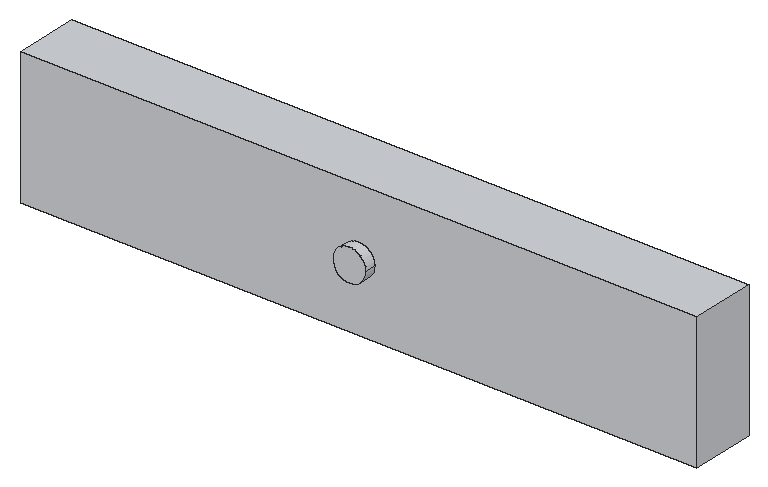
Revit family "LE_W_RE_Anbauleuchte_V1700", category Leuchten, Revit 2017
Family settings
  Bemaßung runder Anschluss = Durchmesser verwenden
  Teiletyp = Normal
  OmniClass-Nummer = 23.80.70.00
  OmniClass-Titel = Lighting
  Arbeitsebenenbasiert = Ja
  Immer vertikal = Ja
  Beim Laden mit Abzugskörper schneiden = Nein
  Lichtquelle = Ja
  Gemeinsam genutzt = Nein
  Raumberechnungspunkt = Nein
Parameters (values of type "Wandlampe_rechteckig")
  pbr_Material_KZ = ""
  pbr_Material = none
  pbr_E_Typ = ""
  pbr_E_KZ = ""
  pbr_DINBild = 0
  pbr_Bild = 0
  cpiFitMatchKey [instance] = "E-WLR-18-15"
  Zentrale [instance] = ""
  built-in parameter 1150104 = 13.8 (stored number, unit not read)
  Wirkleistung [instance] = 0 W
  Wattage = 9.2903 W
  Default Elevation = 1219.2 mm
  Emit from Rectangle Length = 1219.2 mm
  Emit from Rectangle Width = 609.6 mm
  built-in parameter 1150113 = 1 (stored number, unit not read)
  built-in parameter 1114218 = 1 (stored number, unit not read)
  Typ = ""
  Tiefe = 120 mm
  Text3 = ""
  Text2 = ""
  Text1 = ""
  built-in parameter 1150134 = 3
  built-in parameter 1150109 = 1 (stored number, unit not read)
  Symboltiefe = 200 mm
  Symbolbreite = 300 mm
  built-in parameter 1150110 = 1 (stored number, unit not read)
  Spannung = 230 V  # constant formula
  Scheinleistung [instance] = 0 VA
  Scheinlast = 0 VA
  Schaltgruppe2 [instance] = 0
  Schaltgruppe1 [instance] = 0
  Radius_Leerrohr = 50 mm
  Poligkeit = 1
  Planungsbüro Rohling = "www.pbr.de"
  Menge(Dosenzahl) = 1
  Linie/Anschluss [instance] = ""
  built-in parameter 1114217 = 1 (stored number, unit not read)
  built-in parameter 1150139 = (empty or 0)
  built-in parameter 1150105 = 439.27 (stored number, unit not read)
  built-in parameter 1150114 = 1 (stored number, unit not read)
  Lumens = 1380 lm
  built-in parameter 1150115 = 1 (stored number, unit not read)
  Lastklassifizierung = Beleuchtung
  Lampentyp [instance] = ""
  built-in parameter 1150112 = 1 (stored number, unit not read)
  Lampe = "Wandleuchte rechteck"
  Kommentar zur Wattzahl [instance] = ""
  Installationsart [instance] = ""
  Info = ""
  IFC = ""
  Höhe = 250 mm
  Halbhöhe [instance] = Höhe / 2  # 125 mm
  Halbbreite [instance] = Breite / 2  # 625 mm
  Größe des Lichtquellensymbols = 609.6 mm
  Gewerk [instance] = "BEL"
  Dimming Lamp Color Temperature Shift = (empty or 0)
  Color Filter = 16777215
  built-in parameter 1150133 = 10 (stored number, unit not read)
  Emit Shape Visible in Rendering = no
  built-in parameter 1150137 = (empty or 0)
  built-in parameter 1150132 = (empty or 0)
  Breite = 1250 mm
  built-in parameter 1150106 = 4.3927 (stored number, unit not read)
  Anschlussdosentiefe = 20 mm
  Anschlussbuchsenradius = 30 mm
  built-in parameter 1150107 = 3200 (stored number, unit not read)
  built-in parameter 1150102 = (empty or 0)
  built-in parameter 1150138 = (empty or 0)
Reference planes
  plane 1 "Mitte (Vorne/Hinten)": y = 0
  plane 2: z = 0
  plane 3 "Mitte (Links/Rechts)": x = 0
  plane 4 "Lampe unten": z = -125
  plane 5: y = 140
  plane 6: y = 20
  plane 7: x = -625
  plane 8: x = 625
  plane 9: z = 125
  plane 10 "Symbollinks": x = -300
  plane 11: x = 300
Forms (mm)
  Sweep 1, solid, detail levels medium+fine
    path origin (0, 0, 0) x (1, 0, 0) y (0, 1, 0)
      loop
        line (0, 0) -> (0, 20)
    profile origin (0, 10, 0) x (-1, 0, 0) y (0, 0, 1)
      loop
        circle (0, 0) r 30
  Sweep 2, solid
    path origin (0, 0, 0) x (1, 0, 0) y (0, 1, 0)
      loop
        line (0, 20) -> (0, 140)
    profile origin (0, 80, 0) x (-1, 0, 0) y (0, 0, 1)
      loop
        line (625, 125) -> (-625, 125) -> (-625, -125) -> (625, -125) -> (625, 125)
Lines and regions (mm)
  reference lines
    curve 1: line (0, 0, 1407.319) -> (0, 0, 1447.319)
Dimensions and locks
  "Halbhöhe": level to plane 4 "Lampe unten"
  "Anschlussdosentiefe": plane 6 to plane 1 "Mitte (Vorne/Hinten)"
  "Tiefe": plane 5 to plane 6
  equal spacing: plane 7, plane 3 "Mitte (Links/Rechts)", plane 8
  "Halbbreite": plane 7 to plane 3 "Mitte (Links/Rechts)"
  equal spacing: plane 9, level, plane 4 "Lampe unten"
  "Symbolbreite": plane 10 "Symbollinks" to plane 3 "Mitte (Links/Rechts)"
  equal spacing: plane 10 "Symbollinks", plane 3 "Mitte (Links/Rechts)", plane 11
  "Anschlussbuchsenradius": radius of Sweep 1 sketch curve
  aligned and locked: level to plane 2
  aligned and locked: Sweep 2 sketch curve to plane 9
  aligned and locked: Sweep 2 sketch curve to plane 8
  aligned and locked: plane 4 "Lampe unten" to Sweep 2 sketch curve
  aligned and locked: plane 7 to Sweep 2 sketch curve
  aligned and locked: plane 3 "Mitte (Links/Rechts)" to imposter light
  aligned and locked: imposter light to plane 5
  aligned and locked: level to imposter light
  aligned and locked: plane 3 "Mitte (Links/Rechts)" to nested 1
  aligned and locked: plane 1 "Mitte (Vorne/Hinten)" to nested 1
Automatic sketch dimensions
  curve 1 to plane 3 "Mitte (Links/Rechts)" = 0 mm
  level to curve 1 = 1407.319 mm
  curve 1 to curve 1 = 40 mm
  Sweep 1 sketch curve to plane 3 "Mitte (Links/Rechts)" = 0 mm
  plane 1 "Mitte (Vorne/Hinten)" to Sweep 1 sketch curve = 0 mm
  Sweep 1 sketch curve to plane 6 = 0 mm
  Sweep 2 sketch curve to plane 3 "Mitte (Links/Rechts)" = 0 mm
  Sweep 2 sketch curve to plane 6 = 0 mm
  Sweep 2 sketch curve to plane 5 = 0 mm
  Sweep 1 sketch curve to level = 0 mm
  Sweep 1 sketch curve to profile plane = 0 mm
Nested families
  nested 1: "Wandleuchte rechteckig" at (0, 0, 0), type "Wandleuchte rechteckig"
Connectors
  electrical at (0, 0, 0), driven by "Spannung"
    settings: on Sweep 1, index 1, voltage 230 V, apparent load 0 VA, apparent load phase1 18 VA, apparent load phase2 0 VA, apparent load phase3 0 VA, power factor 1, load classification "Beleuchtung", number of poles 1, system type 30, power factor state 1, is connector primary yes, connector utility no, sub classification motor no, connector description ""
  cabletrayconduit at (0, 0, 0), diameter 50, driven by "Radius_Leerrohr"
    settings: on Sweep 1, index 2, connector width 300 mm, connector height 300 mm, connector angle 0.00°, system type 32, placement type 0, profile type 0, connector reference index -1, is primary connector yes, connector utility param no, connector description ""
Definition of nested family "Wandleuchte rechteckig"
  Parameters (values of type "Wandleuchte rechteckig")
    pbr_Material_KZ = ""
    pbr_Material = none
    pbr_E_Typ = ""
    pbr_E_KZ = ""
    pbr_DINBild = 0
    pbr_Bild = 0
    Zentrale [instance] = ""
    Wirkungsgrad [instance] = 0 lm/W
    Watt [instance] = 0 W
    Typ = ""
    Text3 = ""
    Text2 = ""
    Text1 = ""
    Spannung [instance] = 0
    Scheinleistung [instance] = 0 VA
    Schaltgruppe2 [instance] = 0
    Schaltgruppe1 [instance] = 0
    Planungsbüro Rohling = "www.pbr.de"
    Menge(Dosenzahl) = 1
    Lastklassifizierung [instance] = none
    Lampentyp [instance] = ""
    Kommentar zur Wattzahl [instance] = ""
    Installationsart [instance] = ""
    Info = ""
    Gewerk = "Beleuchtung"
    Breite = 120 mm
    Länge = 1250 mm
  Reference planes
    plane 1 "Mitte (Vorne/Hinten)": y = 0
    plane 2: z = 0
    plane 3 "Mitte (Links/Rechts)": x = 0
    plane 4: y = 120
    plane 5: x = -625
    plane 6: x = 625
  Lines and regions (mm)
    Filled region 1, type "Flächenfüllung Schwarz", in view "Referenzebene"
      outline origin (0, 0, 0) x (1, 0, 0) y (0, 1, 0)
        loop
          line (-625, 120) -> (-625, 0) -> (625, 0) -> (625, 120) -> (-625, 120)
  Dimensions and locks
    equal spacing: plane 5, plane 3 "Mitte (Links/Rechts)", plane 6
    "Länge": plane 5 to plane 6
    "Breite": plane 1 "Mitte (Vorne/Hinten)" to plane 4
    aligned and locked: plane 1 "Mitte (Vorne/Hinten)" to Filled region 1
  Automatic sketch dimensions
    Filled region 1 sketch curve to plane 5 = 0 mm
    Filled region 1 sketch curve to plane 6 = 0 mm
    Filled region 1 sketch curve to plane 4 = 0 mm
    Filled region 1 sketch curve to plane 1 "Mitte (Vorne/Hinten)" = 0 mm
